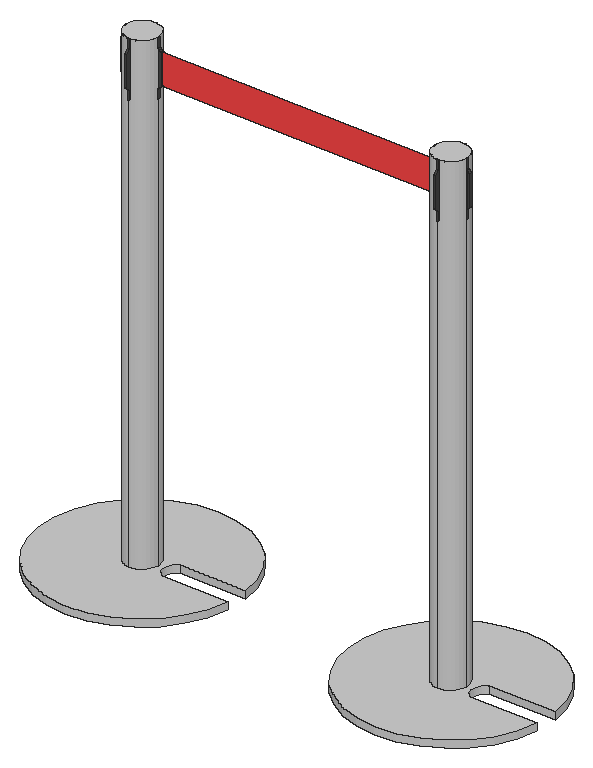
Revit family "DQMG0028", category Generic Models, Revit 2017
Family settings
  Can host rebar = No
  Round Connector Dimension = Use Diameter
  Part Type = Normal
  Work Plane-Based = No
  Always vertical = Yes
  Cut with Voids When Loaded = No
  Shared = No
  Room Calculation Point = No
Parameters
  Website = " https://dolphy.in/"  # constant formula
  Model = ""
  Contact number = "+91 9520202035"  # constant formula
  Contact email = "info@dolphy.in"  # constant formula
  Company name = "Dolphy India"  # constant formula
Reference planes
  plane 1 "Center (Front/Back)": y = 0
  plane 2: z = 0
  plane 3 "Center (Left/Right)": x = 0
Forms (mm)
  Extrusion 1, solid, material "steel"
    sketch origin (-1.268, 0, 0) x (-1, 0, 0) y (0, -1, 0)
      loop
        arc (-175.014, -20.914) -> (173.732, 0) -> (-175.014, 20.914) r 175
        line (-175.014, 20.914) -> (-52.115, 20.914)
        spline (-52.115, 20.914) -> (-48.295, 18.188) -> (-45.282, 14.971) -> (-43.041, 11.368) -> (-41.539, 7.485) -> (-40.743, 3.428) -> (-40.619, -0.696) -> (-41.134, -4.781) -> (-42.254, -8.722) -> (-43.945, -12.412) -> (-46.175, -15.744) -> (-48.909, -18.614) -> (-52.115, -20.914)
        line (-52.115, -20.914) -> (-175.014, -20.914)
    from 0 to 13.325
  Extrusion 2, solid, material "steel"
    sketch origin (-1.268, 0, 0) x (-1, 0, 0) y (0, -1, 0)
      loop
        spline (0, -30) -> (3.263, -29.793) -> (6.655, -29.168) -> (10.076, -28.118) -> (13.431, -26.639) -> (16.64, -24.746) -> (19.63, -22.454) -> (22.331, -19.775) -> (24.698, -16.696) -> (26.689, -13.199) -> (28.257, -9.26) -> (29.328, -4.825) -> (29.826, 0.167)
        spline (29.826, 0.167) -> (29.292, 5.097) -> (28.196, 9.479) -> (26.613, 13.374) -> (24.613, 16.833) -> (22.244, 19.88) -> (19.544, 22.532) -> (16.562, 24.801) -> (13.364, 26.675) -> (10.025, 28.137) -> (6.62, 29.177) -> (3.246, 29.795) -> (0, 30)
        spline (0, 30) -> (-3.246, 29.795) -> (-6.62, 29.177) -> (-10.025, 28.137) -> (-13.364, 26.675) -> (-16.562, 24.801) -> (-19.544, 22.532) -> (-22.244, 19.88) -> (-24.613, 16.833) -> (-26.613, 13.374) -> (-28.196, 9.479) -> (-29.292, 5.097) -> (-29.826, 0.167)
        spline (-29.826, 0.167) -> (-29.328, -4.825) -> (-28.257, -9.26) -> (-26.689, -13.199) -> (-24.698, -16.696) -> (-22.331, -19.775) -> (-19.63, -22.454) -> (-16.64, -24.746) -> (-13.431, -26.639) -> (-10.076, -28.118) -> (-6.655, -29.168) -> (-3.263, -29.793) -> (0, -30)
    from 13.325 to 880
  Extrusion 3, solid, material "plastic"
    sketch origin (-1.278, 0, -30.724) x (-1, 0, 0) y (0, 0, -1)
      loop
        line (30.459, -894.367) -> (36.897, -887.929) -> (36.897, -832.929) -> (30.459, -826.491) -> (30.459, -810.74) -> (29.669, -810.74) -> (29.669, -910.724) -> (30.459, -910.724) -> (30.459, -894.367)
    from -1.751 to 1.889
  Extrusion 4, solid, material "plastic"
    sketch origin (-1.112, 0.254, -30.724) x (0, 1, 0) y (0, 0, 1)
      loop
        line (30.459, 894.367) -> (30.459, 910) -> (29.632, 910) -> (29.632, 810.74) -> (30.459, 810.74) -> (30.459, 826.491) -> (36.897, 832.929) -> (36.897, 887.929) -> (30.459, 894.367)
    from -1.751 to 1.889
  Extrusion 5, solid, material "plastic"
    sketch origin (-1.112, -0.254, -30.724) x (0, -1, 0) y (0, 0, -1)
      loop
        line (30.459, -894.367) -> (36.897, -887.929) -> (36.897, -832.929) -> (30.459, -826.491) -> (30.459, -810.74) -> (29.628, -810.74) -> (29.628, -910.724) -> (30.459, -910.724) -> (30.459, -894.367)
    from -1.751 to 1.889
  Extrusion 6, solid, material "cloth red"
    sketch origin (-115.141, 0, 0) x (1, 0, 0) y (0, 1, 0)
      loop
        line (-415.521, 0.591) -> (-415.521, -0.618) -> (78.784, -0.618) -> (78.784, 0.591) -> (-415.521, 0.591)
    from 802.204 to 857.204
  Extrusion 7, solid, material "plastic"
    sketch origin (-1.254, 0, -30.724) x (1, 0, 0) y (0, 0, 1)
      loop
        line (30.459, 894.367) -> (30.459, 910.724) -> (29.669, 910.724) -> (29.669, 810.74) -> (30.459, 810.74) -> (30.459, 826.491) -> (36.897, 832.929) -> (36.897, 887.929) -> (30.459, 894.367)
    from -1.751 to 1.889
  Extrusion 8, solid, material "steel"
    sketch origin (-566.268, 0, 0) x (-1, 0, 0) y (0, -1, 0)
      loop
        spline (0, -30) -> (3.263, -29.793) -> (6.655, -29.168) -> (10.076, -28.118) -> (13.431, -26.639) -> (16.64, -24.746) -> (19.63, -22.454) -> (22.331, -19.775) -> (24.698, -16.696) -> (26.689, -13.199) -> (28.257, -9.26) -> (29.328, -4.825) -> (29.826, 0.167)
        spline (29.826, 0.167) -> (29.292, 5.097) -> (28.196, 9.479) -> (26.613, 13.374) -> (24.613, 16.833) -> (22.244, 19.88) -> (19.544, 22.532) -> (16.562, 24.801) -> (13.364, 26.675) -> (10.025, 28.137) -> (6.62, 29.177) -> (3.246, 29.795) -> (0, 30)
        spline (0, 30) -> (-3.246, 29.795) -> (-6.62, 29.177) -> (-10.025, 28.137) -> (-13.364, 26.675) -> (-16.562, 24.801) -> (-19.544, 22.532) -> (-22.244, 19.88) -> (-24.613, 16.833) -> (-26.613, 13.374) -> (-28.196, 9.479) -> (-29.292, 5.097) -> (-29.826, 0.167)
        spline (-29.826, 0.167) -> (-29.328, -4.825) -> (-28.257, -9.26) -> (-26.689, -13.199) -> (-24.698, -16.696) -> (-22.331, -19.775) -> (-19.63, -22.454) -> (-16.64, -24.746) -> (-13.431, -26.639) -> (-10.076, -28.118) -> (-6.655, -29.168) -> (-3.263, -29.793) -> (0, -30)
    from 13.325 to 880
  Extrusion 9, solid, material "plastic"
    sketch origin (-566.278, 0, -30.724) x (-1, 0, 0) y (0, 0, -1)
      loop
        line (30.459, -894.367) -> (36.897, -887.929) -> (36.897, -832.929) -> (30.459, -826.491) -> (30.459, -810.74) -> (29.669, -810.74) -> (29.669, -910.724) -> (30.459, -910.724) -> (30.459, -894.367)
    from -1.751 to 1.889
  Extrusion 10, solid, material "plastic"
    sketch origin (-566.112, 0.254, -30.724) x (0, 1, 0) y (0, 0, 1)
      loop
        line (30.459, 894.367) -> (30.459, 910) -> (29.632, 910) -> (29.632, 810.74) -> (30.459, 810.74) -> (30.459, 826.491) -> (36.897, 832.929) -> (36.897, 887.929) -> (30.459, 894.367)
    from -1.751 to 1.889
  Extrusion 11, solid, material "plastic"
    sketch origin (-566.112, -0.254, -30.724) x (0, -1, 0) y (0, 0, -1)
      loop
        line (30.459, -894.367) -> (36.897, -887.929) -> (36.897, -832.929) -> (30.459, -826.491) -> (30.459, -810.74) -> (29.628, -810.74) -> (29.628, -910.724) -> (30.459, -910.724) -> (30.459, -894.367)
    from -1.751 to 1.889
  Extrusion 12, solid, material "plastic"
    sketch origin (-566.254, 0, -30.724) x (1, 0, 0) y (0, 0, 1)
      loop
        line (30.459, 894.367) -> (30.459, 910.724) -> (29.669, 910.724) -> (29.669, 810.74) -> (30.459, 810.74) -> (30.459, 826.491) -> (36.897, 832.929) -> (36.897, 887.929) -> (30.459, 894.367)
    from -1.751 to 1.889
  Extrusion 13, solid, material "steel"
    sketch origin (-566.268, 0, 0) x (-1, 0, 0) y (0, -1, 0)
      loop
        arc (-173.746, -20.914) -> (175, 0) -> (-173.746, 20.914) r 175
        line (-173.746, 20.914) -> (-52.115, 20.914)
        spline (-52.115, 20.914) -> (-48.295, 18.188) -> (-45.282, 14.971) -> (-43.041, 11.368) -> (-41.539, 7.485) -> (-40.743, 3.428) -> (-40.619, -0.696) -> (-41.134, -4.781) -> (-42.254, -8.722) -> (-43.945, -12.412) -> (-46.175, -15.744) -> (-48.909, -18.614) -> (-52.115, -20.914)
        line (-52.115, -20.914) -> (-173.746, -20.914)
    from 0 to 13.325
Dimensions and locks
  Extrusion 2 to level = 880 mm
  aligned and locked: level to plane 2
